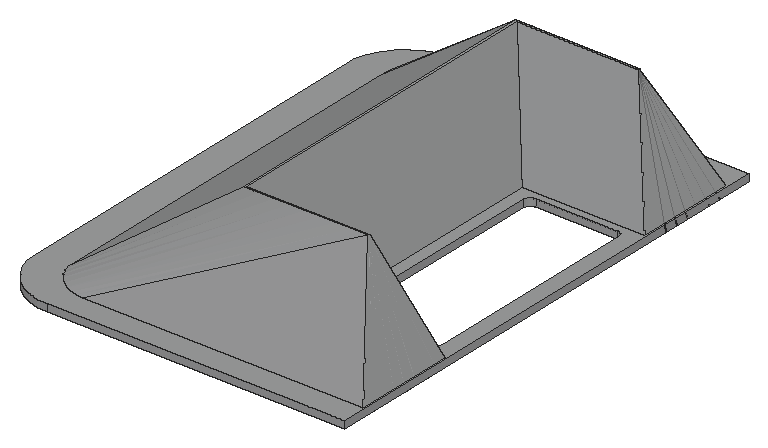
Revit family "Door_Protection-Construction_Specialties-Lever_Protector-DNP-6N", category Specialty Equipment, host Face, Revit 2017
Family settings
  Host = Face
  Round Connector Dimension = Use Diameter
  Part Type = Normal
  OmniClass Number = 23.30.10.11.34
  OmniClass Title = Door Accessories
  Cut with Voids When Loaded = No
  Shared = No
  Room Calculation Point = No
Parameters (values of type "DNP-6N")
  URL = "https://www.c-sgroup.com/"
  Product Page URL = "https://www.c-sgroup.com/acrovyn-wall-protection/door-and-frame-protection/door-knob-and-lever-protectors"
  Product Documentation Link = "https://www.c-sgroup.com/files/tech-center/acrovyn/cad/pdf/dnp-6.pdf"
  Model = "DNP-6N"
  Manufacturer = "Construction Specialties"
  Description = "Acrovyn Door Knob & Lever Protector"
  Default Elevation = 4' - 0"
  Cover Finish [instance] = Plastic - Construction Specialties - Acrovym - Suede - 162 Charcoal
  Assembly Code = "C1020410"
Reference planes (in)
  plane 1 "Center (Front/Back)": y = 0
  plane 2 "Base": z = 0
  plane 3 "Center (Left/Right)": x = 0
  plane 4 "Base Plate": z = 0.25
  plane 5: z = 4.25
Forms (in)
  Extrusion 1, solid, material "Plastic - Construction Specialties - Acrovym - Suede - 162 Charcoal" <- "Cover Finish"
    sketch origin (0, 0.03147, 0) x (0, 1, 0) y (-1, 0, 0)
      loop
        line (-8.74775, 0) -> (8.74775, 0) -> (8.74775, 10.31475)
        arc (8.74775, 10.31475) -> (8.11423, 11.77616) -> (6.61394, 12.31115) r 1.99978
        line (6.61394, 12.31115) -> (-6.88201, 12.31115)
        arc (-6.88201, 12.31115) -> (-8.20903, 11.68131) -> (-8.74775, 10.31475) r 1.99978
        line (-8.74775, 10.31475) -> (-8.74775, 0)
      loop
        line (-3.8107, 0.56205) -> (3.8107, 0.56205)
        arc (3.8107, 0.56205) -> (3.98875, 0.6358) -> (4.0625, 0.81385) r 0.2518
        line (4.0625, 0.81385) -> (4.0625, 3.6241)
        arc (4.0625, 3.6241) -> (3.98875, 3.80215) -> (3.8107, 3.8759) r 0.2518
        line (3.8107, 3.8759) -> (-3.8107, 3.8759)
        arc (-3.8107, 3.8759) -> (-3.98875, 3.80215) -> (-4.0625, 3.6241) r 0.2518
        line (-4.0625, 3.6241) -> (-4.0625, 0.81385)
        arc (-4.0625, 0.81385) -> (-3.98875, 0.6358) -> (-3.8107, 0.56205) r 0.2518
    from 0 to 0.25
  Blend 2, solid, material "Plastic - Construction Specialties - Acrovym - Suede - 162 Charcoal" <- "Cover Finish"
    base sketch origin (0, 0.03147, 0) x (0, 1, 0) y (-1, 0, 0)
      loop
        line (-7.99685, 0) -> (-4.25135, 0) -> (-4.25135, 4.2491) -> (4.24685, 4.2491) -> (4.24685, 0) -> (7.99685, 0) -> (7.99685, 10.31475)
        arc (7.99685, 10.31475) -> (7.59321, 11.23526) -> (6.64209, 11.56025) r 1.24888
        line (6.64209, 11.56025) -> (-6.85386, 11.56025)
        arc (-6.85386, 11.56025) -> (-7.66812, 11.16028) -> (-7.99685, 10.31475) r 1.24888
        line (-7.99685, 10.31475) -> (-7.99685, 0)
    top sketch origin (0, 0.03147, 0) x (0, 1, 0) y (-1, 0, 0)
      loop
        line (-5.9058, 1.47969) -> (-5.87455, 1.5018) -> (-5.8433, 1.47289) -> (-5.8433, 5.71965) -> (5.8433, 5.71965) -> (5.8433, 1.47297) -> (5.87455, 1.5018) -> (5.9058, 1.47969) -> (5.9058, 5.78215) -> (-5.9058, 5.78215) -> (-5.9058, 1.47969)
    from 0 to 4.25
Lines and regions (in)
  symbolic lines, detail levels medium+fine
    curve 1: circle (-1.87599, -8.33799, 0.25) r 0.34114 normal (0, 0, 1)
    curve 2: circle (-9.06591, -8.33799, 0.25) r 0.34114 normal (0, 0, 1)
    curve 3: circle (-11.93951, 0.03547, 0.25) r 0.34114 normal (0, 0, 1)
    curve 4: circle (-9.0696, 8.41005, 0.25) r 0.34114 normal (0, 0, 1)
    curve 5: circle (-1.87621, 8.41005, 0.25) r 0.34114 normal (0, 0, 1)
Dimensions and locks (in)
  locked: plane 4 "Base Plate" to plane 5 at 4
  locked: plane 2 "Base" to plane 4 "Base Plate" at 0.25
  level to plane 5 = 0' - 4 1/4"
  Extrusion 1 sketch curve to Extrusion 1 sketch curve to Extrusion 1 sketch curve to Extrusion 1 sketch curve = 0' - 8.43525" locked, 0' - 3.31385" locked, 0' - 0.56205" locked
  Extrusion 1 sketch curve to Extrusion 1 sketch curve to Extrusion 1 sketch curve to Extrusion 1 sketch curve = 0' - 4.68525" locked, 0' - 8 1/8" locked, 0' - 4.68525" locked
  Extrusion 1 sketch curve to Extrusion 1 sketch curve to Extrusion 1 sketch curve to Extrusion 1 sketch curve to Extrusion 1 sketch curve to Extrusion 1 sketch curve = 0' - 0" locked, 0' - 10.31475" locked, 0' - 0" locked, 0' - 1.9964" locked, 0' - 0" locked
  Extrusion 1 sketch curve to Extrusion 1 sketch curve to Extrusion 1 sketch curve to Extrusion 1 sketch curve to Extrusion 1 sketch curve to Extrusion 1 sketch curve to Extrusion 1 sketch curve to Extrusion 1 sketch curve = 0' - 0" locked, 0' - 1.98715" locked, 0' - 0.3561" locked, 0' - 3.0459" locked, 0' - 0.3561" locked, 0' - 1.98715" locked, 0' - 0" locked
  Blend 2 sketch curve to Blend 2 sketch curve to Blend 2 sketch curve = 0' - 4.2491" locked, 0' - 7.31115" locked
  Blend 2 sketch curve to Blend 2 sketch curve to Blend 2 sketch curve to Blend 2 sketch curve = 0' - 3.7455" locked, 0' - 8.4982" locked, 0' - 3 3/4" locked
  Blend 2 sketch curve to Blend 2 sketch curve to Blend 2 sketch curve to Blend 2 sketch curve to Blend 2 sketch curve to Blend 2 sketch curve to Blend 2 sketch curve to Blend 2 sketch curve to Blend 2 sketch curve to Blend 2 sketch curve = 0' - 0.03828" locked, 0' - 0.00881" locked, 0' - 2.43816" locked, 0' - 0.01492" locked, 0' - 7.0867" locked, 0' - 0.04216" locked, 0' - 0.01274" locked, 0' - 2.39813" locked, 0' - 0.08712" locked
  aligned and locked: plane 2 "Base" to host face
  aligned and locked: level to host face
  aligned and locked: plane 5 to Blend 2
